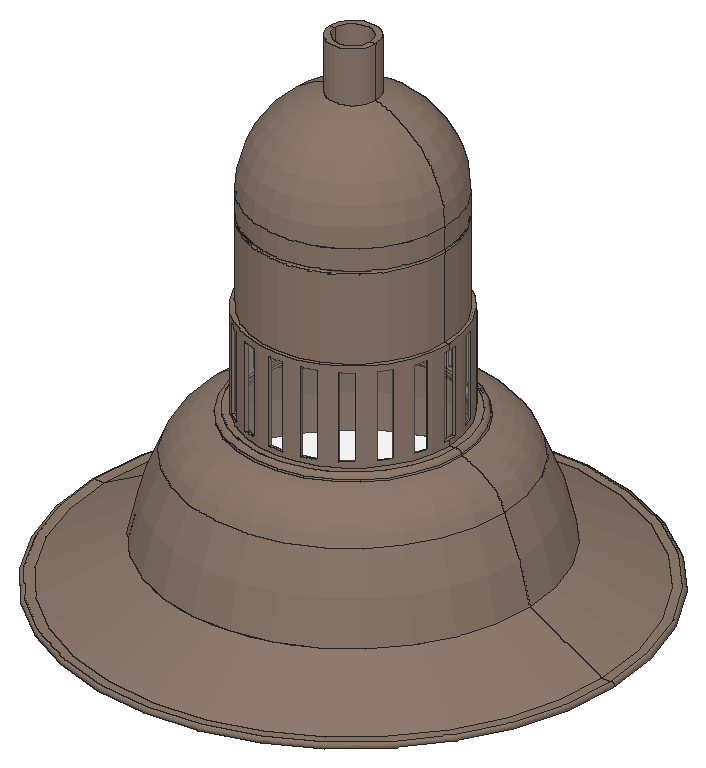
Revit family "BVB2402", category Generic Models, Revit 2014
Parameters
  GLASS = Glass
  BELL = Bronze, Architectural
Reference planes (in)
  plane 1 "Center (Front/Back)": y = 0
  plane 2: z = 0
  plane 3 "Center (Left/Right)": x = 0
Forms (in)
  Revolve 1, solid, material "Bronze, Architectural" <- "BELL"
    sketch origin (0, 0, 0) x (1, 0, 0) y (0, 0, 1)
      loop
        line (-1.0625, 22.74108) -> (-1.0625, 20.42754) -> (-0.8125, 20.42754) -> (-0.8125, 22.74108) -> (-1.0625, 22.74108)
      axis (0, 22.74108) -> (0, 20.42754)
    angle from 0 to 360
  Revolve 2, solid, material "Bronze, Architectural" <- "BELL"
    sketch origin (0, 0, 0) x (1, 0, 0) y (0, 0, 1)
      loop
        line (-0.55052, 20.42754) -> (-1.0625, 20.42754)
        arc (-1.0625, 20.42754) -> (-3.35992, 18.91508) -> (-4.25, 16.3125) r 4.25
        line (-4.25, 16.3125) -> (-4.25, 15.375)
        arc (-4.25, 15.375) -> (-4.21143, 15.3125) -> (-4.25, 15.25) r 0.06992
        line (-4.25, 15.25) -> (-4.25, 11.5625) -> (-4.15625, 11.5625) -> (-4.15625, 15.20696)
        arc (-4.15625, 15.20696) -> (-4.11768, 15.3125) -> (-4.15625, 15.41804) r 0.16367
        line (-4.15625, 15.41804) -> (-4.15625, 16.3125)
        arc (-4.15625, 16.3125) -> (-3.28943, 18.85299) -> (-1.05052, 20.33379) r 4.15625
        line (-1.05052, 20.33379) -> (-0.55052, 20.33379) -> (-0.55052, 20.42754)
      axis (0, 20.42754) -> (0, 11.5625)
    angle from 0 to 360
  Revolve 3, solid, material "Bronze, Architectural" <- "BELL"
    sketch origin (0, 0, 0) x (1, 0, 0) y (0, 0, 1)
      loop
        line (-4.15625, 11.5625) -> (-4.4375, 11.5625) -> (-4.4375, 7.375) -> (-4.15625, 7.375) -> (-4.15625, 7.46875) -> (-4.34375, 7.46875) -> (-4.34375, 11.46875) -> (-4.15625, 11.46875) -> (-4.15625, 11.5625)
      axis (0, 11.5625) -> (0, 7.375)
    angle from 0 to 360
  Revolve 4, solid, material "Bronze, Architectural" <- "BELL"
    sketch origin (0, 0, 0) x (1, 0, 0) y (0, 0, 1)
      loop
        line (-4.15625, 7.375) -> (-4.73951, 7.375)
        arc (-4.73951, 7.375) -> (-4.88941, 7.32508) -> (-4.97944, 7.19524) r 0.25
        line (-4.97944, 7.19524) -> (-5, 7.125)
        arc (-5, 7.125) -> (-6.22065, 6.58407) -> (-7, 5.5) r 2.5472
        arc (-7, 5.5) -> (-7.68506, 3.78939) -> (-8.125, 2) r 13.1876
        line (-8.125, 2) -> (-11.4738, 0.25) -> (-11.875, 0.25)
        arc (-11.875, 0.25) -> (-12, 0.125) -> (-11.875, 0) r 0.125
        line (-11.875, 0) -> (-11.74978, 0) -> (-8.04042, 1.93842)
        arc (-8.04042, 1.93842) -> (-7.6022, 3.74076) -> (-6.91371, 5.4631) r 13.09385
        arc (-6.91371, 5.4631) -> (-6.14007, 6.52855) -> (-4.92702, 7.04061) r 2.45345
        line (-4.92702, 7.04061) -> (-4.88946, 7.1689)
        arc (-4.88946, 7.1689) -> (-4.83319, 7.25005) -> (-4.73951, 7.28125) r 0.15625
        line (-4.73951, 7.28125) -> (-4.15625, 7.28125) -> (-4.15625, 7.375)
      axis (0, 7.375) -> (0, 0)
    angle from 0 to 360
  Extrusion 5, void
    sketch origin (0, 0, 0) x (1, 0, 0) y (0, 0, 1)
      loop
        line (0.31292, 11.3125) -> (-0.31292, 11.3125) -> (-0.31292, 7.625) -> (0.31292, 7.625) -> (0.31292, 11.3125)
    from 4.00225 to 4.50005
  Extrusion 6, void
    sketch origin (0, 0, 0) x (-1, 0, 0) y (0, 0, 1)
      loop
        line (0.31292, 11.3125) -> (-0.31292, 11.3125) -> (-0.31292, 7.625) -> (0.31292, 7.625) -> (0.31292, 11.3125)
    from 4.00225 to 4.50005
  Extrusion 7, void
    sketch origin (0, 0, 0) x (0.951057, 0.309017, 0) y (0, 0, 1)
      loop
        line (0.31292, 11.3125) -> (-0.31292, 11.3125) -> (-0.31292, 7.625) -> (0.31292, 7.625) -> (0.31292, 11.3125)
    from 4.00225 to 4.50005
  Extrusion 8, void
    sketch origin (0, 0, 0) x (-0.951057, -0.309017, 0) y (0, 0, 1)
      loop
        line (0.31292, 11.3125) -> (-0.31292, 11.3125) -> (-0.31292, 7.625) -> (0.31292, 7.625) -> (0.31292, 11.3125)
    from 4.00225 to 4.50005
  Extrusion 9, void
    sketch origin (0, 0, 0) x (0.809017, 0.587785, 0) y (0, 0, 1)
      loop
        line (0.31292, 11.3125) -> (-0.31292, 11.3125) -> (-0.31292, 7.625) -> (0.31292, 7.625) -> (0.31292, 11.3125)
    from 4.00225 to 4.50005
  Extrusion 10, void
    sketch origin (0, 0, 0) x (-0.809017, -0.587785, 0) y (0, 0, 1)
      loop
        line (0.31292, 11.3125) -> (-0.31292, 11.3125) -> (-0.31292, 7.625) -> (0.31292, 7.625) -> (0.31292, 11.3125)
    from 4.00225 to 4.50005
  Extrusion 11, void
    sketch origin (0, 0, 0) x (0.587785, 0.809017, 0) y (0, 0, 1)
      loop
        line (0.31292, 11.3125) -> (-0.31292, 11.3125) -> (-0.31292, 7.625) -> (0.31292, 7.625) -> (0.31292, 11.3125)
    from 4.00225 to 4.50005
  Extrusion 12, void
    sketch origin (0, 0, 0) x (-0.587785, -0.809017, 0) y (0, 0, 1)
      loop
        line (0.31292, 11.3125) -> (-0.31292, 11.3125) -> (-0.31292, 7.625) -> (0.31292, 7.625) -> (0.31292, 11.3125)
    from 4.00225 to 4.50005
  Extrusion 13, void
    sketch origin (0, 0, 0) x (0.309017, 0.951057, 0) y (0, 0, 1)
      loop
        line (0.31292, 11.3125) -> (-0.31292, 11.3125) -> (-0.31292, 7.625) -> (0.31292, 7.625) -> (0.31292, 11.3125)
    from 4.00225 to 4.50005
  Extrusion 14, void
    sketch origin (0, 0, 0) x (-0.309017, -0.951057, 0) y (0, 0, 1)
      loop
        line (0.31292, 11.3125) -> (-0.31292, 11.3125) -> (-0.31292, 7.625) -> (0.31292, 7.625) -> (0.31292, 11.3125)
    from 4.00225 to 4.50005
  Extrusion 15, void
    sketch origin (0, 0, 0) x (0, 1, 0) y (0, 0, 1)
      loop
        line (0.31292, 11.3125) -> (-0.31292, 11.3125) -> (-0.31292, 7.625) -> (0.31292, 7.625) -> (0.31292, 11.3125)
    from 4.00225 to 4.50005
  Extrusion 16, void
    sketch origin (0, 0, 0) x (0, -1, 0) y (0, 0, 1)
      loop
        line (0.31292, 11.3125) -> (-0.31292, 11.3125) -> (-0.31292, 7.625) -> (0.31292, 7.625) -> (0.31292, 11.3125)
    from 4.00225 to 4.50005
  Extrusion 17, void
    sketch origin (0, 0, 0) x (-0.309017, 0.951057, 0) y (0, 0, 1)
      loop
        line (0.31292, 11.3125) -> (-0.31292, 11.3125) -> (-0.31292, 7.625) -> (0.31292, 7.625) -> (0.31292, 11.3125)
    from 4.00225 to 4.50005
  Extrusion 18, void
    sketch origin (0, 0, 0) x (0.309017, -0.951057, 0) y (0, 0, 1)
      loop
        line (0.31292, 11.3125) -> (-0.31292, 11.3125) -> (-0.31292, 7.625) -> (0.31292, 7.625) -> (0.31292, 11.3125)
    from 4.00225 to 4.50005
  Extrusion 19, void
    sketch origin (0, 0, 0) x (-0.587785, 0.809017, 0) y (0, 0, 1)
      loop
        line (0.31292, 11.3125) -> (-0.31292, 11.3125) -> (-0.31292, 7.625) -> (0.31292, 7.625) -> (0.31292, 11.3125)
    from 4.00225 to 4.50005
  Extrusion 20, void
    sketch origin (0, 0, 0) x (0.587785, -0.809017, 0) y (0, 0, 1)
      loop
        line (0.31292, 11.3125) -> (-0.31292, 11.3125) -> (-0.31292, 7.625) -> (0.31292, 7.625) -> (0.31292, 11.3125)
    from 4.00225 to 4.50005
  Extrusion 21, void
    sketch origin (0, 0, 0) x (-0.809017, 0.587785, 0) y (0, 0, 1)
      loop
        line (0.31292, 11.3125) -> (-0.31292, 11.3125) -> (-0.31292, 7.625) -> (0.31292, 7.625) -> (0.31292, 11.3125)
    from 4.00225 to 4.50005
  Extrusion 22, void
    sketch origin (0, 0, 0) x (0.809017, -0.587785, 0) y (0, 0, 1)
      loop
        line (0.31292, 11.3125) -> (-0.31292, 11.3125) -> (-0.31292, 7.625) -> (0.31292, 7.625) -> (0.31292, 11.3125)
    from 4.00225 to 4.50005
  Extrusion 23, void
    sketch origin (0, 0, 0) x (-0.951057, 0.309017, 0) y (0, 0, 1)
      loop
        line (0.31292, 11.3125) -> (-0.31292, 11.3125) -> (-0.31292, 7.625) -> (0.31292, 7.625) -> (0.31292, 11.3125)
    from 4.00225 to 4.50005
  Extrusion 24, void
    sketch origin (0, 0, 0) x (0.951057, -0.309017, 0) y (0, 0, 1)
      loop
        line (0.31292, 11.3125) -> (-0.31292, 11.3125) -> (-0.31292, 7.625) -> (0.31292, 7.625) -> (0.31292, 11.3125)
    from 4.00225 to 4.50005
  Revolve 25, solid, material "Glass" <- "GLASS"
    sketch origin (0, 0, 0) x (1, 0, 0) y (0, 0, 1)
      loop
        line (-4.34375, 11.46875) -> (-4.34375, 7.46875) -> (-4.21875, 7.46875) -> (-4.21875, 11.46875) -> (-4.34375, 11.46875)
      axis (0, 11.46875) -> (0, 7.46875)
    angle from 0 to 360
Cuts and joins
  Extrusion 5, Extrusion 6, Extrusion 7, Extrusion 8, Extrusion 9, Extrusion 10, Extrusion 11, Extrusion 12, Extrusion 13, Extrusion 14, Extrusion 15, Extrusion 16, Extrusion 17, Extrusion 18, Extrusion 19, Extrusion 20, Extrusion 21, Extrusion 22, Extrusion 23, Extrusion 24 cuts Revolve 3
Dimensions and locks (in)
  aligned and locked: plane 2 to level
